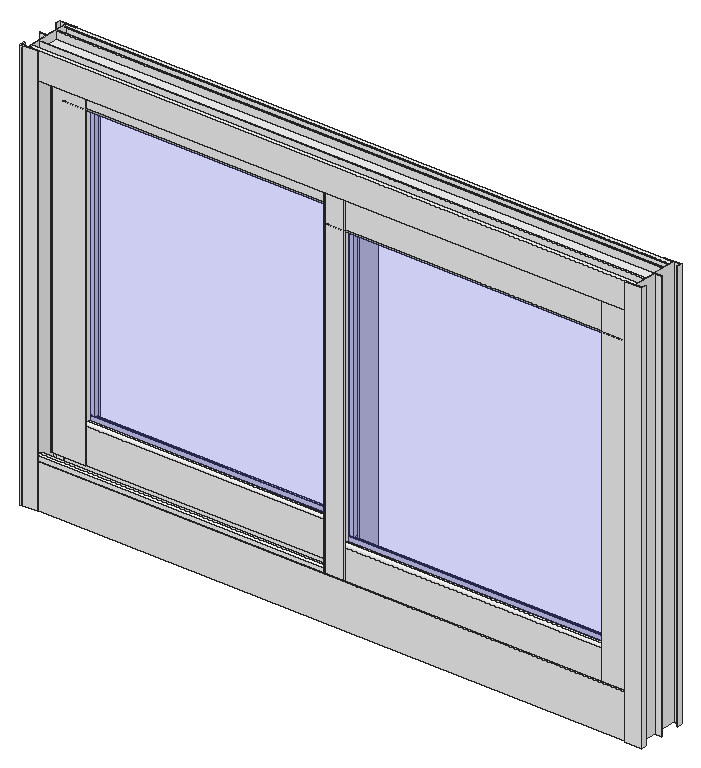
Revit family "Elite_Sliding_Window_OX_Custom", category Windows, host Wall, Revit 2014 (continued)
Definition of nested family "Elite_Sash_Outer_OX_Cust"
  Definition of nested family "Elite_Lock_Stile"
    Forms (mm)
      Extrusion 3, void
        sketch origin (13, 14.5, 0) x (1, 0, 0) y (0, 0, 1)
          loop
            line (6.5, 250) -> (-6.5, 250) -> (-6.5, 224) -> (6.5, 224) -> (6.5, 250)
          loop
            line (6.5, 0) -> (6.5, 26) -> (-6.5, 26) -> (-6.5, 0) -> (6.5, 0)
        from 0 to 250
    Cuts and joins
      Extrusion 2, Extrusion 3 cuts Extrusion 1
    Dimensions and locks
      "Height Large Cut": Extrusion 2 sketch curve to Extrusion 2 sketch curve  (x2)
      "Height Rail Cut": Extrusion 3 sketch curve to Extrusion 3 sketch curve  (x2)
      "Width Rail Cut": Extrusion 3 sketch curve to Extrusion 3 sketch curve  (x2)
      "Side Gap Rail Cut": Extrusion 3 sketch curve to cut or joined group of Extrusion 1, Extrusion 2, Extrusion 3  (x2)
      aligned and locked: level to plane 2
      aligned and locked: Extrusion 1 to Extrusion 2 sketch curve  (x2)
      aligned and locked: Extrusion 2 sketch curve to Extrusion 1  (x4)
      aligned and locked: Extrusion 3 sketch curve to cut or joined group of Extrusion 1, Extrusion 2, Extrusion 3
      aligned and locked: cut or joined group of Extrusion 1, Extrusion 2, Extrusion 3 to Extrusion 3 sketch curve
    Automatic sketch dimensions
      Extrusion 1 sketch curve to plane 3 "Center (Left/Right)" = 0 mm
      plane 1 "Center (Front/Back)" to Extrusion 1 sketch curve = 0 mm  (x2)
      plane 3 "Center (Left/Right)" to Extrusion 1 sketch curve = 1.2 mm
      plane 3 "Center (Left/Right)" to Extrusion 1 sketch curve = 1.5 mm  (x2)
      Extrusion 1 sketch curve to Extrusion 1 sketch curve = 0 mm  (x4)
      Extrusion 1 sketch curve to Extrusion 1 sketch curve = 0.3 mm  (x2)
      Extrusion 1 sketch curve to Extrusion 1 sketch curve = 1.3 mm  (x2)
      Extrusion 1 sketch curve to Extrusion 1 sketch curve = 1 mm  (x4)
      Extrusion 1 sketch curve to Extrusion 1 sketch curve = 5 mm  (x4)
      Extrusion 1 sketch curve to Extrusion 1 sketch curve = 1.5 mm  (x6)
      Extrusion 1 sketch curve to plane 1 "Center (Front/Back)" = 2.4 mm
      Extrusion 1 sketch curve to Extrusion 1 sketch curve = 19 mm
      Extrusion 1 sketch curve to Extrusion 1 sketch curve = 2 mm
      Extrusion 1 sketch curve to Extrusion 1 sketch curve = 1.2 mm  (x6)
      Extrusion 1 sketch curve to plane 1 "Center (Front/Back)" = 1.2 mm  (x2)
      Extrusion 1 sketch curve to Extrusion 1 sketch curve = 5.2 mm  (x2)
      Extrusion 1 sketch curve to Extrusion 1 sketch curve = 3 mm
      Extrusion 1 sketch curve to Extrusion 1 sketch curve = 20 mm
      Extrusion 1 sketch curve to Extrusion 1 sketch curve = 7 mm  (x2)
      Extrusion 1 sketch curve to Extrusion 1 sketch curve = 4.5 mm  (x2)
      Extrusion 1 sketch curve to Extrusion 1 sketch curve = 0.8 mm  (x2)
  Definition of nested family "Elite_Interlocker"
    Parameters (values of type "Elite_Interlocker")
      Rail Cut Width = 13 mm  # constant formula
      Rail Cut Side Spacing = 5 mm  # constant formula
      Rail Cut Height = 26 mm  # constant formula
      Profile Material [instance] = none
      Length Interlocker [instance] = 250 mm
      Large Cut Height = 55 mm  # constant formula
    Reference planes
      plane 1 "Center (Front/Back)": y = 0
      plane 2: z = 0
      plane 3 "Center (Left/Right)": x = 0
    Forms (mm)
      Extrusion 1, solid, material <- "Profile Material"
        sketch origin (0, 0, 0) x (1, 0, 0) y (0, 1, 0)
          loop
            line (6.916, 36.467) -> (6.916, 6.667) -> (39.416, 6.667) -> (39.416, 9.551) -> (38.416, 9.551) -> (38.416, 8.167) -> (37.116, 8.167) -> (37.116, 9.551) -> (36.116, 9.551) -> (36.116, 8.167) -> (32.916, 8.167) -> (32.916, 15.167) -> (36.116, 15.167) -> (36.116, 13.78) -> (37.116, 13.78) -> (37.116, 15.167) -> (38.416, 15.167) -> (38.416, 13.78) -> (39.416, 13.78) -> (39.416, 25.167)
            arc (39.416, 25.167) -> (38.973, 25.663) -> (38.429, 25.28) r 0.5
            line (38.429, 25.28) -> (36.426, 16.667) -> (32.916, 16.667) -> (32.916, 36.467) -> (31.416, 36.467) -> (31.416, 35.667) -> (24.916, 35.667) -> (24.916, 29.667) -> (26.416, 29.667) -> (26.416, 34.167) -> (31.416, 34.167) -> (31.416, 22.667) -> (19.916, 22.667) -> (8.416, 22.667) -> (8.416, 34.167) -> (13.416, 34.167) -> (13.416, 29.667) -> (14.916, 29.667) -> (14.916, 35.667) -> (8.416, 35.667) -> (8.416, 36.467) -> (6.916, 36.467)
          loop
            line (8.416, 21.167) -> (8.416, 8.167) -> (31.416, 8.167) -> (31.416, 21.167) -> (19.916, 21.167) -> (8.416, 21.167)
        from 0 to 250 <- "Length Interlocker"
      Extrusion 2, void
        sketch origin (14.616, 35.667, 0) x (1, 0, 0) y (0, 0, 1)
          loop
            line (11.8, 250) -> (-1.2, 250) -> (-1.2, 224) -> (11.8, 224) -> (11.8, 250)
          loop
            line (-1.2, 0) -> (11.8, 0) -> (11.8, 26) -> (-1.2, 26) -> (-1.2, 0)
        from 0 to 250
      Extrusion 3, void
        sketch origin (31.316, 35.667, 0) x (1, 0, 0) y (0, 0, 1)
          loop
            line (0.1, 250) -> (-22.9, 250) -> (-22.9, 195) -> (0.1, 195) -> (0.1, 250)
          loop
            line (-22.9, 0) -> (0.1, 0) -> (0.1, 55) -> (-22.9, 55) -> (-22.9, 0)
        from 0 to 25
    Cuts and joins
      Extrusion 2, Extrusion 3 cuts Extrusion 1
    Dimensions and locks
      "Rail Cut Width": Extrusion 2 sketch curve to Extrusion 2 sketch curve  (x2)
      "Rail Cut Side Spacing": Extrusion 2 sketch curve to Extrusion 1  (x2)
      "Rail Cut Height": Extrusion 2 sketch curve to Extrusion 2 sketch curve  (x2)
      "Large Cut Height": Extrusion 3 sketch curve to Extrusion 3 sketch curve  (x2)
      aligned and locked: level to plane 2
      aligned and locked: Extrusion 1 to Extrusion 2 sketch curve  (x2)
      aligned and locked: Extrusion 3 sketch curve to cut or joined group of Extrusion 1, Extrusion 2, Extrusion 3  (x4)
      aligned and locked: cut or joined group of Extrusion 1, Extrusion 2, Extrusion 3 to Extrusion 3 sketch curve  (x2)
    Automatic sketch dimensions
      plane 3 "Center (Left/Right)" to Extrusion 1 sketch curve = 6.916 mm
      plane 3 "Center (Left/Right)" to Extrusion 1 sketch curve = 8.416 mm
      Extrusion 1 sketch curve to Extrusion 1 sketch curve = 1.5 mm  (x11)
      Extrusion 1 sketch curve to Extrusion 1 sketch curve = 0 mm  (x6)
      Extrusion 1 sketch curve to Extrusion 1 sketch curve = 5 mm  (x4)
      Extrusion 1 sketch curve to Extrusion 1 sketch curve = 3.2 mm  (x2)
      Extrusion 1 sketch curve to Extrusion 1 sketch curve = 0.31 mm
      Extrusion 1 sketch curve to Extrusion 1 sketch curve = 1 mm  (x4)
      Extrusion 1 sketch curve to Extrusion 1 sketch curve = 1.3 mm  (x2)
      Extrusion 1 sketch curve to Extrusion 1 sketch curve = 7.013 mm
      Extrusion 1 sketch curve to Extrusion 1 sketch curve = 0.487 mm
      Extrusion 1 sketch curve to plane 1 "Center (Front/Back)" = 6.667 mm
      Extrusion 1 sketch curve to Extrusion 1 sketch curve = 1.384 mm  (x2)
      Extrusion 1 sketch curve to Extrusion 1 sketch curve = 4.229 mm
      Extrusion 1 sketch curve to Extrusion 1 sketch curve = 1.387 mm  (x2)
      Extrusion 1 sketch curve to Extrusion 1 sketch curve = 13 mm
      Extrusion 1 sketch curve to Extrusion 1 sketch curve = 2.5 mm
      Extrusion 1 sketch curve to Extrusion 1 sketch curve = 7 mm  (x2)
      Extrusion 1 sketch curve to Extrusion 1 sketch curve = 4.5 mm  (x2)
      Extrusion 1 sketch curve to Extrusion 1 sketch curve = 0.8 mm  (x2)
  Definition of nested family "Elite_Sash_Top"
    Parameters (values of type "Elite_Sash_Top")
      Profile Material [instance] = none
      Length Sash Top [instance] = 250 mm
    Reference planes
      plane 1 "Center (Front/Back)": y = 0
      plane 2: z = 0
      plane 3 "Center (Left/Right)": x = 0
    Forms (mm)
      Extrusion 1, solid, material <- "Profile Material"
        sketch origin (0, -88.953, -123.01) x (0, 1, 0) y (0, 0, 1)
          loop
            line (92.953, 217.01) -> (95.303, 217.01) -> (95.303, 223.01) -> (93.853, 223.01) -> (93.853, 218.46) -> (92.953, 218.46)
            arc (92.953, 218.46) -> (91.15, 219.207) -> (90.403, 221.01) r 2.55
            line (90.403, 221.01) -> (90.403, 230.06) -> (110.203, 230.06) -> (110.203, 221.01)
            arc (110.203, 221.01) -> (109.456, 219.207) -> (107.653, 218.46) r 2.55
            line (107.653, 218.46) -> (106.753, 218.46) -> (106.753, 223.01) -> (105.303, 223.01) -> (105.303, 217.01) -> (107.653, 217.01)
            arc (107.653, 217.01) -> (110.482, 218.181) -> (111.653, 221.01) r 4
            line (111.653, 221.01) -> (111.653, 271.01) -> (107.403, 271.01) -> (107.403, 268.61) -> (108.603, 268.61) -> (108.603, 269.81) -> (110.203, 269.81) -> (110.203, 262.21) -> (108.603, 262.21) -> (108.603, 263.41) -> (107.403, 263.41) -> (107.403, 261.01) -> (110.203, 261.01) -> (110.203, 231.51) -> (90.403, 231.51) -> (90.403, 261.01) -> (93.203, 261.01) -> (93.203, 263.41) -> (92.003, 263.41) -> (92.003, 262.21) -> (90.403, 262.21) -> (90.403, 269.81) -> (92.003, 269.81) -> (92.003, 268.61) -> (93.203, 268.61) -> (93.203, 271.01) -> (88.953, 271.01) -> (88.953, 221.01)
            arc (88.953, 221.01) -> (90.125, 218.181) -> (92.953, 217.01) r 4
        from 0 to 250 <- "Length Sash Top"
    Dimensions and locks
      aligned and locked: level to plane 2
  Definition of nested family "Elite_Sash_Bottom"
    Parameters (values of type "Elite_Sash_Bottom")
      Profile Material [instance] = none
      Length Sash Bottom [instance] = 250 mm
    Reference planes
      plane 1 "Center (Front/Back)": y = 0
      plane 2: z = 0
      plane 3 "Center (Left/Right)": x = 0
    Forms (mm)
      Extrusion 1, solid, material <- "Profile Material"
        sketch origin (0, -88.953, -123.01) x (0, 1, 0) y (0, 0, 1)
          loop
            arc (92.953, 177.01) -> (90.125, 175.838) -> (88.953, 173.01) r 4
            line (88.953, 173.01) -> (88.953, 123.01) -> (93.203, 123.01) -> (93.203, 125.41) -> (92.003, 125.41) -> (92.003, 124.21) -> (90.403, 124.21) -> (90.403, 131.81) -> (92.003, 131.81) -> (92.003, 130.61) -> (93.203, 130.61) -> (93.203, 133.01) -> (90.403, 133.01) -> (90.403, 162.51) -> (110.203, 162.51) -> (110.203, 133.01) -> (107.403, 133.01) -> (107.403, 130.61) -> (108.603, 130.61) -> (108.603, 131.81) -> (110.203, 131.81) -> (110.203, 124.21) -> (108.603, 124.21) -> (108.603, 125.41) -> (107.403, 125.41) -> (107.403, 123.01) -> (111.653, 123.01) -> (111.653, 173.01)
            arc (111.653, 173.01) -> (110.482, 175.838) -> (107.653, 177.01) r 4
            line (107.653, 177.01) -> (105.303, 177.01) -> (105.303, 171.01) -> (106.753, 171.01) -> (106.753, 175.56) -> (107.653, 175.56)
            arc (107.653, 175.56) -> (109.456, 174.813) -> (110.203, 173.01) r 2.55
            line (110.203, 173.01) -> (110.203, 163.96) -> (90.403, 163.96) -> (90.403, 173.01)
            arc (90.403, 173.01) -> (91.15, 174.813) -> (92.953, 175.56) r 2.55
            line (92.953, 175.56) -> (93.853, 175.56) -> (93.853, 171.01) -> (95.303, 171.01) -> (95.303, 177.01) -> (92.953, 177.01)
        from 0 to 250 <- "Length Sash Bottom"
    Dimensions and locks
      aligned and locked: level to plane 2
  Definition of nested family "Elite_Heavy_Duty_Interlocker_Outside"
    Parameters (values of type "Elite_Heavy_Duty_Interlocker_Outside")
      Side Cut Width = 20 mm  # constant formula
      Side Cut Height Top = 26 mm  # constant formula
      Profile Material [instance] = none
      Length Heavy Duty Interlocker [instance] = 250 mm
      Large Cut Height = 55 mm  # constant formula
      Cut Width = 13 mm  # constant formula
      Cut Side Spacing = 5 mm  # constant formula
      Cut Height = 26 mm  # constant formula
    Reference planes
      plane 1 "Center (Front/Back)": y = 0
      plane 2: z = 0
      plane 3 "Center (Left/Right)": x = 0
    Forms (mm)
      Extrusion 1, solid, material <- "Profile Material"
        sketch origin (0, 0, 0) x (1, 0, 0) y (0, 1, 0)
          loop
            arc (4, 27.5) -> (2.232, 26.768) -> (1.5, 25) r 2.5
            line (1.5, 25) -> (1.5, 4)
            arc (1.5, 4) -> (2.232, 2.232) -> (4, 1.5) r 2.5
            line (4, 1.5) -> (20, 1.5) -> (20, 27.5) -> (4, 27.5)
          loop
            line (21.5, 14.5) -> (21.5, 1.5) -> (33, 1.5) -> (44.5, 1.5) -> (44.5, 14.5) -> (33, 14.5) -> (21.5, 14.5)
          loop
            line (46, 10) -> (46, 29.8) -> (44.5, 29.8) -> (44.5, 29) -> (38, 29) -> (38, 23) -> (39.5, 23) -> (39.5, 27.5) -> (44.5, 27.5) -> (44.5, 16) -> (33, 16) -> (21.5, 16) -> (21.5, 27.5) -> (26.5, 27.5) -> (26.5, 23) -> (28, 23) -> (28, 29) -> (21.5, 29) -> (21.5, 29.8) -> (20, 29.8) -> (20, 29) -> (4, 29)
            arc (4, 29) -> (1.172, 27.828) -> (0, 25) r 4
            line (0, 25) -> (0, 4)
            arc (0, 4) -> (1.172, 1.172) -> (4, 0) r 4
            line (4, 0) -> (52.5, 0) -> (52.5, 2.866) -> (51.5, 2.866) -> (51.5, 1.5) -> (50.2, 1.5) -> (50.2, 2.866) -> (49.2, 2.866) -> (49.2, 1.5) -> (46, 1.5) -> (46, 8.5) -> (49.2, 8.5) -> (49.2, 7.121) -> (50.2, 7.121) -> (50.2, 8.5) -> (51.5, 8.5) -> (51.5, 7.121) -> (52.5, 7.121) -> (52.5, 18.5)
            arc (52.5, 18.5) -> (52.057, 18.997) -> (51.513, 18.613) r 0.5
            line (51.513, 18.613) -> (49.51, 10) -> (46, 10)
        from 0 to 250 <- "Length Heavy Duty Interlocker"
      Extrusion 2, void
        sketch origin (44.4, 29, 0) x (1, 0, 0) y (0, 0, 1)
          loop
            line (-4.9, 250) -> (-17.9, 250) -> (-17.9, 224) -> (-4.9, 224) -> (-4.9, 250)
          loop
            line (-4.9, 0) -> (-4.9, 26) -> (-17.9, 26) -> (-17.9, 0) -> (-4.9, 0)
        from 0 to 250
      Extrusion 3, void
        sketch origin (44.4, 29, 0) x (1, 0, 0) y (0, 0, 1)
          loop
            line (0.1, 250) -> (-22.9, 250) -> (-22.9, 195) -> (0.1, 195) -> (0.1, 250)
          loop
            line (0.1, 0) -> (0.1, 55) -> (-22.9, 55) -> (-22.9, 0) -> (0.1, 0)
        from 0 to 25
      Extrusion 4, void
        sketch origin (19.7, 29, 0) x (1, 0, 0) y (0, 0, 1)
          loop
            line (0.3, 250) -> (-19.7, 250) -> (-19.7, 224) -> (0.3, 224) -> (0.3, 250)
        from 0 to 250
    Cuts and joins
      Extrusion 2, Extrusion 3, Extrusion 4 cuts Extrusion 1
    Dimensions and locks
      "Cut Width": Extrusion 2 sketch curve to Extrusion 2 sketch curve  (x2)
      "Cut Side Spacing": Extrusion 2 sketch curve to Extrusion 1  (x2)
      "Cut Height": Extrusion 2 sketch curve to Extrusion 2 sketch curve  (x2)
      "Large Cut Height": Extrusion 3 sketch curve to Extrusion 3 sketch curve  (x2)
      "Side Cut Width": Extrusion 4 sketch curve to Extrusion 4 sketch curve
      "Side Cut Height Top": Extrusion 4 sketch curve to Extrusion 4 sketch curve
      aligned and locked: level to plane 2
      aligned and locked: Extrusion 2 sketch curve to Extrusion 1
      aligned and locked: Extrusion 1 to Extrusion 2 sketch curve
      aligned and locked: cut or joined group of Extrusion 1, Extrusion 2, Extrusion 3, Extrusion 4 to Extrusion 3 sketch curve  (x2)
      aligned and locked: Extrusion 3 sketch curve to cut or joined group of Extrusion 1, Extrusion 2, Extrusion 3, Extrusion 4  (x4)
      aligned and locked: Extrusion 4 sketch curve to cut or joined group of Extrusion 1, Extrusion 2, Extrusion 3, Extrusion 4
      aligned and locked: cut or joined group of Extrusion 1, Extrusion 2, Extrusion 3, Extrusion 4 to Extrusion 4 sketch curve
    Automatic sketch dimensions
      Extrusion 1 sketch curve to Extrusion 1 sketch curve = 0 mm  (x11)
      Extrusion 1 sketch curve to plane 3 "Center (Left/Right)" = 0 mm
      plane 1 "Center (Front/Back)" to Extrusion 1 sketch curve = 0 mm
      plane 3 "Center (Left/Right)" to Extrusion 1 sketch curve = 1.5 mm
      Extrusion 1 sketch curve to Extrusion 1 sketch curve = 2.5 mm  (x3)
      Extrusion 1 sketch curve to Extrusion 1 sketch curve = 16 mm
      Extrusion 1 sketch curve to Extrusion 1 sketch curve = 1.5 mm  (x10)
      Extrusion 1 sketch curve to Extrusion 1 sketch curve = 5 mm  (x3)
      Extrusion 1 sketch curve to plane 1 "Center (Front/Back)" = 1.5 mm  (x3)
      Extrusion 1 sketch curve to Extrusion 1 sketch curve = 11.5 mm  (x2)
      Extrusion 1 sketch curve to Extrusion 1 sketch curve = 10 mm
      Extrusion 1 sketch curve to Extrusion 1 sketch curve = 3.2 mm  (x2)
      Extrusion 1 sketch curve to plane 1 "Center (Front/Back)" = 10 mm
      Extrusion 1 sketch curve to Extrusion 1 sketch curve = 0.31 mm
      Extrusion 1 sketch curve to Extrusion 1 sketch curve = 1 mm  (x4)
      Extrusion 1 sketch curve to Extrusion 1 sketch curve = 1.3 mm  (x2)
      Extrusion 1 sketch curve to Extrusion 1 sketch curve = 7.013 mm
      Extrusion 1 sketch curve to Extrusion 1 sketch curve = 0.487 mm
      Extrusion 1 sketch curve to Extrusion 1 sketch curve = 1.366 mm
      Extrusion 1 sketch curve to Extrusion 1 sketch curve = 2.879 mm
      Extrusion 1 sketch curve to Extrusion 1 sketch curve = 4.5 mm  (x3)
      Extrusion 1 sketch curve to Extrusion 1 sketch curve = 7 mm  (x2)
      Extrusion 1 sketch curve to Extrusion 1 sketch curve = 9 mm
      Extrusion 1 sketch curve to Extrusion 1 sketch curve = 0.8 mm  (x2)
